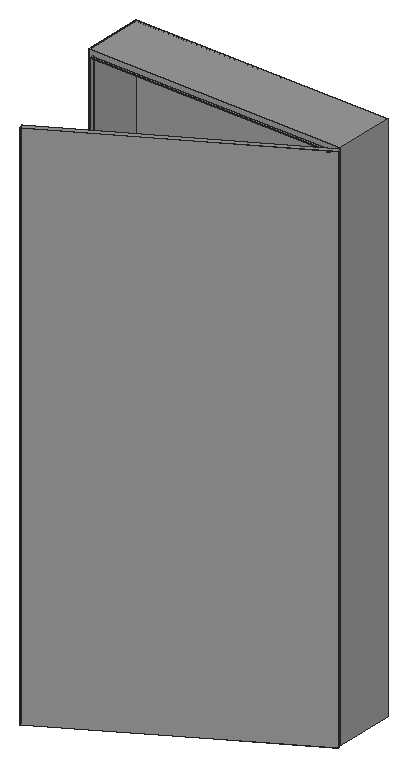
Revit family "Hager-Univers-IP44-D205-H1700-Cl.II-Encl-NoHosted-CH-de", category Equipement électrique, Revit 2020
Family settings
  Configuration du panneau = Deux colonnes, circuits au sein
  Cote de connecteur circulaire = Utiliser le diamètre
  Type d'élément = Tableau de raccordement
  Basée sur le plan de construction = Oui
  Toujours verticalement = Oui
  Couper avec des vides une fois chargée = Non
  Partagée = Non
  Point de calcul de pièce = Non
Parameters (values of type "Aufputz IP44 B800 H1700 T205  - FP13SN2")
  Width Control [instance] = if([EF000008 - Breite] > Min Width, [EF000008 - Breite], Min Width)  # 800 mm
  Commentaires du type = [HG000003 - Bereich]  # "Univers"
  Thickness Door [instance] = if([EF009171 - Materialstärke Tür/Deckel] > 3 mm, 3 mm, [EF009171 - Materialstärke Tür/Deckel])  # 1 mm
  Seal Frame Offset [instance] = 17 mm  # constant formula
  Plinth Visibility [instance] = [HG000027 - Sockelhöhe] > 0 mm  # no
  Min Width [instance] = 100 mm  # constant formula
  Min Depth [instance] = (2 * [EF009170 - Materialstärke Gehäuse]) + 1 mm  # 3 mm
  Min Height [instance] = 100 mm  # constant formula
  Internal Frame Depth [instance] = (Door System Depth * 0.5)  # 9 mm
  Panel Name [instance] = ""  # (empty or 0)
  Model = ""
  HG000027 - Sockelhöhe = 0 mm
  HG000026 - Stehend auf dem Boden = no
  HG000024 - Höhe des unteren Teils = 600 mm
  HG000023 - Gehäuse mit doppeltem Querschnitt = no
  HG000016 - 3D-Türsichtbarkeit [instance] = yes
  HG000015 - Sichtbarkeit der Türöffnung [instance] = no
  HG000014 - Tür rechts [instance] = yes
  HG000013 - Tür links [instance] = not([HG000014 - Tür rechts])  # no
  HG000012 - Türschwenkwinkel [instance] = 30.00°
  HG000010 - Asymmetrische Türen = no
  HG000009 - Doppelflügeligen Tür = no
  HG000006 - Unterputz = no
  HG000004 - Herstellerreferenz = "FP13SN2"
  HG000003 - Bereich = "Univers"
  HG000002 - Mit tür = yes
  Frame Offset Bottom [instance] = 10 mm  # constant formula
  Frame Offset [instance] = 15 mm  # constant formula
  EF015940 - Deckel mit Überdruckentlastung = no
  EF011959 - Schutzart (NEMA) = ""
  EF009554 - Anzahl der Öffnungen für Flanschplatten = 6
  EF009212 - Ausführung Deckel = "EV000116 - geschlossen"
  EF009171 - Materialstärke Tür/Deckel = 1 mm
  EF009170 - Materialstärke Gehäuse = 1 mm
  EF008873 - Nennstrom (In) = 400 A
  EF007800 - Geeignet für Blitzschutz = no
  EF006306 - Mit Schloss = no
  EF006244 - Transparenter Deckel/Tür = no
  EF005474 - Schutzart (IP) = "EV006418 - IP44"
  EF004464 - Art der Tür = "EV002646 - Einzel"
  EF004427 - Anzahl der Module = 396
  EF004293 - Schlagfestigkeit = "EV006815 - IK09"
  EF003532 - Geeignet für Außengebrauch = no
  EF002950 - Breite in Teilungseinheiten = 36
  EF001613 - Funktionserhalt = "EV000494 - ohne"
  EF001596 - Werkstoff des Gehäuses = "EV000179 - Stahl"
  EF001131 - Innentiefe = 143 mm
  EF001088 - Anbaumöglichkeit = yes
  EF000437 - Anzahl der Leitungseinführungen = 6
  EF000339 - Art der Abdeckung = "EV001012 - Deckel"
  EF000266 - Anzahl der Reihen = 11
  EF000218 - Einbautiefe = 205 mm
  EF000118 - Mit Montageplatte = no
  EF000116 - RAL-Nummer = "9010"
  EF000049 - Tiefe = 205 mm
  EF000040 - Höhe = 1700 mm
  EF000008 - Breite = 800 mm
  EF000007 - Farbe = "EV000202 - weiß"
  EF000003 - Montageart = "EV000384 - Aufputz"
  Door System Leaf Tolerance [instance] = 1.5 mm  # constant formula
  Door System Depth [instance] = 18 mm  # constant formula
  Door Height [instance] = Height Control - [HG000027 - Sockelhöhe]  # 1700 mm
  Description = ""
  Default Elevation = 1219.2 mm
  Connector Offset [instance] = Height Control / 2  # 850 mm
  Fabricant = "Hager"  # constant formula
  Height Control [instance] = if([EF000040 - Höhe] > Min Height, [EF000040 - Höhe], Min Height)  # 1700 mm
  Depth Control [instance] = if([EF000049 - Tiefe] > Min Depth, [EF000049 - Tiefe], Min Depth)  # 205 mm
  Bottom Top Plate Trim [instance] = 1.5 mm  # constant formula
  Plinth height Ctrl [instance] = if([HG000027 - Sockelhöhe] > 0 mm, [HG000027 - Sockelhöhe], 12 mm)  # 12 mm
Types (5, lengths in mm): name | Width Control | HG000010 - Asymmetrische Türen | HG000009 - Doppelflügeligen Tür | HG000004 - Herstellerreferenz | EF009554 - Anzahl der Öffnungen für Flanschplatten | EF008873 - Nennstrom (In) | EF004464 - Art der Tür | EF004427 - Anzahl der Module | EF002950 - Breite in Teilungseinheiten | EF000437 - Anzahl der Leitungseinführungen | EF000008 - Breite
  Aufputz IP44 B1050 H1700 T205  - FP14SN2 | 1050 | no | yes | "FP14SN2" | 8 | 400 A | "EV003602 - Doppel" | 528 | 48 | 8 | 1050
  Aufputz IP44 B1300 H1700 T205  - FP15SN2 | 1300 | yes | yes | "FP15SN2" | 10 | 400 A | "EV003602 - Doppel" | 660 | 60 | 10 | 1300
  Aufputz IP44 B300 H1700 T205  - FP11SN2 | 300 | no | no | "FP11SN2" | 2 | 250 A | "EV002646 - Einzel" | 132 | 12 | 2 | 300
  Aufputz IP44 B550 H1700 T205  - FP12SN2 | 550 | no | no | "FP12SN2" | 4 | 250 A | "EV002646 - Einzel" | 264 | 24 | 4 | 550
  Aufputz IP44 B800 H1700 T205  - FP13SN2 | 800 | no | no | "FP13SN2" | 6 | 400 A | "EV002646 - Einzel" | 396 | 36 | 6 | 800
Reference planes
  plane 1 "Center (Front/Back)": y = 0
  plane 2: z = 0
  plane 3 "Center (Left/Right)": x = 0
  plane 4: y = 0
  plane 5: y = 0
  plane 6: z = 0
  plane 7: x = -400
  plane 8: x = 400
  plane 9: x = 399
  plane 10: x = -399
  plane 11: z = 0
  plane 12: z = 1
  plane 13: y = -205
  plane 14: y = -1
  plane 15: x = 0
  plane 16: y = -187
  plane 17: y = -204
  plane 18: y = -186
  plane 19: x = -384
  plane 20: x = 384
  plane 21: z = 11
  plane 22: x = -383
  plane 23: x = 383
  plane 24: z = 0
  plane 25: z = 1700
  plane 26: z = 1700
  plane 27: z = 1684
  plane 28: z = 1699
Forms (mm)
  Extrusion 1, solid, material "Hager_Steel_RAL7035_Light_Grey", detail levels medium+fine
    sketch origin (-208.679, -4572, 0) x (-1, 0, 0) y (0, -1, 0)
      loop
        line (191.321, -4385) -> (-608.679, -4385) -> (-608.679, -4572) -> (191.321, -4572) -> (191.321, -4385)
    from 0 to 1700
  Extrusion 2, void
    sketch origin (-350.771, -205, 1219.2) x (1, 0, 0) y (0, 0, 1)
      loop
        line (-48.229, 479.8) -> (-48.229, -1218.2) -> (749.771, -1218.2) -> (749.771, 479.8) -> (-48.229, 479.8)
    from -19 to -204
  Extrusion 3, void
    sketch origin (-290.084, -187, 1219.2) x (1, 0, 0) y (0, 0, 1)
      loop
        line (-93.916, -1208.2) -> (674.084, -1208.2) -> (674.084, 464.8) -> (-93.916, 464.8) -> (-93.916, -1208.2)
    from 0 to -1
  Extrusion 4, solid, material "Hager_Steel_RAL7035_Light_Grey", visible <- "Plinth Visibility", detail levels medium+fine
    sketch origin (0, 0, 0) x (1, 0, 0) y (0, 1, 0)
      loop
        line (-400, 0) -> (-400, -187) -> (400, -187) -> (400, 0) -> (-400, 0)
    from 0 to 12 <- "Plinth height Ctrl"
  Extrusion 5, solid, material "Hager_Steel_RAL7035_Light_Grey", detail levels coarse
    sketch origin (0, 0, 0) x (1, 0, 0) y (0, 1, 0)
      loop
        line (-400, 0) -> (-400, -205) -> (400, -205) -> (400, 0) -> (-400, 0)
    from 0 to 1700 <- "Height Control"
  Sweep 6, void
    path in 3D
      loop
        line (-400, -187, 12) -> (400, -187, 12) -> (400, 0, 12) -> (-400, 0, 12) -> (-400, -187, 12)
    profile origin (-400, -93.5, 12) x (1, 0, 0) y (0, 0, 1)
      loop
        line (0, 0) -> (0, -1.5) -> (1.5, -1.5)
        arc (1.5, -1.5) -> (1.061, -0.439) -> (0, 0) r 1.5
  Extrusion 7, solid, material "Hager_Steel_RAL7035_Light_Grey", detail levels fine
    sketch origin (-400, -187, 0) x (1, 0, 0) y (0, 0, 1)
      loop
        line (16, 11) -> (784, 11) -> (784, 1684) -> (16, 1684) -> (16, 11)
      loop
        line (15, 10) -> (785, 10) -> (785, 1685) -> (15, 1685) -> (15, 10)
    from 0 to 9 <- "Internal Frame Depth"
Cuts and joins
  Extrusion 2, Extrusion 3 cuts Extrusion 1
  Sweep 6 cuts Extrusion 4
Lines and regions (mm)
  Masking region 1
    outline origin (0, 0, 0) x (1, 0, 0) y (0, 1, 0)
      loop
        line (-400, 0) -> (-400, -205) -> (400, -205) -> (400, 0) -> (-400, 0)
  Masking region 2, detail levels coarse
    outline origin (-290.084, -187, 1219.2) x (-1, 0, 0) y (0, 0, 1)
      loop
        line (-690.084, -1219.2) -> (109.916, -1219.2) -> (109.916, 480.8) -> (-690.084, 480.8) -> (-690.084, -1219.2)
  Masking region 3, detail levels coarse
    outline origin (0, 0, 0) x (0, 1, 0) y (0, 0, 1)
      loop
        line (0, 0) -> (0, 1700) -> (-205, 1700) -> (-205, 0) -> (0, 0)
  Masking region 4, visible <- "Plinth Visibility", detail levels medium+fine
    outline origin (0, 0, 0) x (0, 1, 0) y (0, 0, 1)
      loop
        line (-1.5, 12) -> (-185.5, 12)
        arc (-185.5, 12) -> (-185.939, 10.939) -> (-187, 10.5) r 1.5
        line (-187, 10.5) -> (-187, 0) -> (0, 0) -> (0, 10.5)
        arc (0, 10.5) -> (-1.061, 10.939) -> (-1.5, 12) r 1.5
  Masking region 5, detail levels medium+fine
    outline origin (0, 0, 594.038) x (0, 1, 0) y (0, 0, 1)
      loop
        line (0, -594.038) -> (0, 1105.962) -> (-187, 1105.962) -> (-187, -594.038) -> (0, -594.038)
  Masking region 6, detail levels medium+fine
    outline origin (-359.7, -187, 1211.883) x (-1, 0, 0) y (0, 0, 1)
      loop
        line (-759.7, -1211.883) -> (40.3, -1211.883) -> (40.3, 488.117) -> (-759.7, 488.117) -> (-759.7, -1211.883)
  Masking region 7, visible <- "Plinth Visibility", detail levels medium+fine
    outline origin (-320.334, -187, 1041.368) x (-1, 0, 0) y (0, 0, 1)
      loop
        line (-720.334, -1041.368) -> (79.666, -1041.368) -> (79.666, -1030.868)
        arc (79.666, -1030.868) -> (78.606, -1030.429) -> (78.166, -1029.368) r 1.5
        line (78.166, -1029.368) -> (-718.834, -1029.368)
        arc (-718.834, -1029.368) -> (-719.273, -1030.429) -> (-720.334, -1030.868) r 1.5
        line (-720.334, -1030.868) -> (-720.334, -1041.368)
  sketch lines
    curve 1: line (-400, 0, 12) -> (-400, -187, 12)
    curve 2: line (-400, -187, 12) -> (400, -187, 12)
    curve 3: line (400, 0, 12) -> (-400, 0, 12)
    curve 4: line (400, -187, 12) -> (400, 0, 12)
Dimensions and locks
  locked: plane 1 "Center (Front/Back)" to plane 5
  "EF009170 - Materialstärke Gehäuse": plane 7 to plane 10
  "EF009170 - Materialstärke Gehäuse": plane 8 to plane 9
  equal spacing: plane 7, plane 3 "Center (Left/Right)", plane 8
  "Width Control": plane 7 to plane 8
  "Depth Control": plane 4 to plane 13
  "EF009170 - Materialstärke Gehäuse": plane 4 to plane 14
  "Height Control": plane 25 to level
  "HG000027 - Sockelhöhe": plane 11 to level
  "EF009170 - Materialstärke Gehäuse": plane 12 to plane 11
  "EF009170 - Materialstärke Gehäuse": plane 17 to plane 13
  "EF009170 - Materialstärke Gehäuse": plane 18 to plane 16
  "Frame Offset Bottom": plane 21 to plane 12
  "Frame Offset": plane 10 to plane 19
  "Frame Offset": plane 9 to plane 20
  "Door System Depth": plane 16 to plane 13
  "Seal Frame Offset": plane 7 to plane 22
  "Seal Frame Offset": plane 8 to plane 23
  "EF009170 - Materialstärke Gehäuse": plane 26 to plane 28
  "Frame Offset": plane 28 to plane 27
  "Connector Offset": plane 2 to connector elem
  "Bottom Top Plate Trim": profile plane to Sweep 6 sketch curve
  "Bottom Top Plate Trim": Sweep 6 sketch curve to Sweep 6 sketch curve
  "Plinth height Ctrl": Masking region 4 sketch curve to level
  "Plinth height Ctrl": Masking region 7 sketch curve to level
  "Thickness Door": Extrusion 7 sketch curve to Extrusion 7 sketch curve  (x4)
  "Bottom Top Plate Trim": radius of Sweep 6 sketch curve
  "Bottom Top Plate Trim": radius of Masking region 4 sketch curve  (x2)
  "Bottom Top Plate Trim": radius of Masking region 7 sketch curve  (x2)
  aligned and locked: Extrusion 2 sketch curve to plane 12
  aligned and locked: Extrusion 2 sketch curve to plane 9
  aligned and locked: Extrusion 2 sketch curve to plane 10
  aligned and locked: Extrusion 2 to plane 14
  aligned and locked: Extrusion 1 sketch curve to plane 4
  aligned and locked: plane 8 to Extrusion 1 sketch curve
  aligned and locked: plane 7 to Extrusion 1 sketch curve
  aligned and locked: Extrusion 2 to plane 18
  aligned and locked: Extrusion 3 sketch curve to plane 19
  aligned and locked: plane 20 to Extrusion 3 sketch curve
  aligned and locked: Extrusion 3 to Extrusion 2
  aligned and locked: Extrusion 3 sketch curve to plane 21
  aligned and locked: plane 3 "Center (Left/Right)" to nested 1
  aligned and locked: Extrusion 1 sketch curve to plane 16
  aligned and locked: Extrusion 4 sketch curve to cut or joined group of Extrusion 1, Extrusion 2, Extrusion 3
  aligned and locked: Masking region 1 sketch curve to plane 7
  aligned and locked: Masking region 1 sketch curve to plane 5
  aligned and locked: Masking region 1 sketch curve to plane 8
  aligned and locked: Masking region 2 sketch curve to level
  aligned and locked: level to Masking region 3 sketch curve
  aligned and locked: plane 1 "Center (Front/Back)" to Masking region 3 sketch curve
  aligned and locked: plane 13 to Masking region 3 sketch curve
  aligned and locked: plane 5 to Masking region 4 sketch curve
  aligned and locked: Masking region 2 sketch curve to plane 8
  aligned and locked: Masking region 2 sketch curve to plane 7
  aligned and locked: plane 7 to nested 2
  aligned and locked: nested 2 to plane 5
  aligned and locked: plane 5 to Masking region 5 sketch curve
  aligned and locked: plane 26 to Masking region 5 sketch curve
  aligned and locked: Extrusion 5 sketch curve to plane 8
  aligned and locked: Extrusion 5 sketch curve to plane 7
  aligned and locked: Extrusion 5 sketch curve to plane 5
  aligned and locked: Extrusion 3 sketch curve to plane 27
  aligned and locked: Extrusion 2 sketch curve to plane 28
  aligned and locked: Masking region 2 to plane 25
  aligned and locked: Extrusion 4 to plane 16
  aligned and locked: profile plane to Sweep 6 sketch curve
  aligned and locked: Masking region 5 sketch curve to plane 24
  aligned and locked: level to Masking region 4 sketch curve
  aligned and locked: Masking region 1 to plane 13
  aligned and locked: nested 1 to plane 16
  aligned and locked: Masking region 3 to plane 25
  aligned and locked: plane 16 to Masking region 4 sketch curve
  aligned and locked: Masking region 5 sketch curve to plane 16
  aligned and locked: plane 24 to plane 11
  aligned and locked: plane 26 to plane 25
  aligned and locked: plane 26 to cut or joined group of Extrusion 1, Extrusion 2, Extrusion 3
  aligned and locked: nested 1 to plane 24
  aligned and locked: Extrusion 1 to Extrusion 3
  aligned and locked: Masking region 6 sketch curve to plane 8
  aligned and locked: Masking region 6 sketch curve to plane 24
  aligned and locked: Masking region 6 sketch curve to plane 7
  aligned and locked: Masking region 6 sketch curve to plane 26
  aligned and locked: Masking region 7 sketch curve to plane 7
  aligned and locked: level to Masking region 7 sketch curve
  aligned and locked: Masking region 7 sketch curve to plane 8
  aligned and locked: Extrusion 7 sketch curve to cut or joined group of Extrusion 1, Extrusion 2, Extrusion 3  (x4)
Automatic sketch dimensions
  plane 19 to Extrusion 3 sketch curve = 0 mm
  Extrusion 3 sketch curve to plane 20 = 0 mm
  Extrusion 3 sketch curve to plane 21 = 0 mm
  Extrusion 4 sketch curve to plane 7 = 0 mm
  Extrusion 4 sketch curve to plane 8 = 0 mm
  Extrusion 4 sketch curve to plane 16 = 0 mm
  Masking region 1 sketch curve to plane 13 = 0 mm
  Masking region 2 sketch curve to plane 25 = 0 mm
  Masking region 3 sketch curve to plane 25 = 0 mm
  Extrusion 5 sketch curve to plane 13 = 0 mm
  profile plane to Sweep 6 sketch curve = 0 mm
Nested families
  nested 1: "EC000058_Univers_Door" at (0, -187, 0), Double <- "HG000009 - Doppelflügeligen Tür", Transparent <- "EF006244 - Transparenter Deckel/Tür", Angle <- "HG000012 - Türschwenkwinkel", Door_Right <- "HG000014 - Tür rechts", Assymetrical <- "HG000010 - Asymmetrische Türen", Door <- "HG000002 - Mit tür", Width_Ctrl <- "Width Control", 3d_Door <- "HG000016 - 3D-Türsichtbarkeit", Clearance <- "HG000015 - Sichtbarkeit der Türöffnung", Door_Left <- "HG000013 - Tür links", Width <- "Width Control", Door_Depth <- "Door System Depth", Leaf_Tolerance <- "Door System Leaf Tolerance", Height <- "Door Height", Lock_Visibility <- "EF006306 - Mit Schloss", Thickness <- "Thickness Door", type "EC000058_Univers_Door", detail levels medium+fine
    with min_wh 3 mm, Width_Ctrl 800 mm, Width 800 mm, Transparent no, Thickness 1 mm, Seal_Material Hager_Rubber, Lock_Visibility no, Lock_Material Hager_Plastic_RAL9005_Jet_Black, Leaf_Width 800 mm, Leaf_Tolerance_External_Sides 0 mm, Leaf_Tolerance 1.5 mm, Leaf_Offset 0 mm, Leaf_Height 1697 mm, Leaf_2_Width 800 mm, Leaf_2_Offset 400 mm, Leaf_1_Width 800 mm, Leaf_1_Offset 400 mm, Height_Ctrl 1700 mm, Height 1700 mm, Glass_Material Hager_Glass, Double_Clearance_Ctrl no, Double no, Door_Right_Ctrl yes, Door_Right yes, Door_Material Hager_Steel_RAL7035_Light_Grey, Door_Left_Ctrl no, Door_Left no, Door_Depth 18 mm, Door yes, Clearance_Material Hager_Clearance, Clearance_Depth 800 mm, Clearance_Ctrl no, Clearance no, Assymetrical no, Angle 30.00°, 3d_Door yes
  nested 2: "Hager_Enclosure_Symbol" at (-400, 0, 0), Height <- "Depth Control", Width <- "Width Control", type "Hager_Enclosure_Symbol"
    with Width_Ctrl 800 mm, Width 800 mm, Height_Ctrl 205 mm, Height 205 mm, A_Width_Int 13.453 mm, A_Width 161.438 mm, A_Height_Ctrl 179.375 mm, A_Height 179.375 mm
Connectors
  electrical at (0, 0, 850)
    settings: on plane 1 "Center (Front/Back)", index 1, voltage 0 V, apparent load 0 VA, apparent load phase1 0 VA, apparent load phase2 0 VA, apparent load phase3 0 VA, power factor 1, load classification "Other", number of poles 1, system type 30, power factor state 1, is connector primary yes, connector utility no, sub classification motor no, connector description ""
Definition of nested family "EC000058_Univers_Door"
  Parameters (values of type "EC000058_Univers_Door")
    min_wh [instance] = (2 * Thickness) + 1 mm  # 11 mm
    Width_Ctrl [instance] = 400 mm
    Width [instance] = 500 mm
    Transparent [instance] = yes
    Thickness [instance] = 5 mm
    Seal_Material [instance] = none
    Lock_Visibility [instance] = yes
    Lock_Material [instance] = none
    Leaf_Width [instance] = if((Width_Ctrl - 2 * Leaf_Tolerance_External_Sides) > 0 mm, (Width_Ctrl - 2 * Leaf_Tolerance_External_Sides), min_wh)  # 400 mm
    Leaf_Tolerance_External_Sides [instance] = 0 mm  # constant formula
    Leaf_Tolerance [instance] = 1.5 mm
    Leaf_Offset [instance] = 0 mm  # constant formula
    Leaf_Height [instance] = if((Height_Ctrl - 2 * Leaf_Tolerance) > 0 mm, (Height_Ctrl - 2 * Leaf_Tolerance), min_wh)  # 497 mm
    Leaf_2_Width [instance] = if(and(and(Double, Assymetrical), Door_Left), (Leaf_Width / 3) - (Leaf_Tolerance / 2), if(and(and(Double, Assymetrical), Door_Right), (Leaf_Width / 3) * 2 - (Leaf_Tolerance / 2), if(and(Double, not(Assymetrical)), (Leaf_Width / 2) - Leaf_Tolerance, Leaf_Width)))  # 400 mm
    Leaf_2_Offset [instance] = if(and(Double, Assymetrical), Leaf_2_Width / 2, if(and(Double, not(Assymetrical)), Leaf_Width / 4, Leaf_Width / 2))  # 200 mm
    Leaf_1_Width [instance] = if(and(and(Double, Assymetrical), Door_Right), (Leaf_Width / 3) - (Leaf_Tolerance / 2), if(and(and(Double, Assymetrical), Door_Left), (Width / 3) * 2 - (Leaf_Tolerance / 2), if(and(Double, not(Assymetrical)), (Leaf_Width / 2) - Leaf_Tolerance, Leaf_Width)))  # 400 mm
    Leaf_1_Offset [instance] = if(and(Double, Assymetrical), Leaf_1_Width / 2, if(and(Double, not(Assymetrical)), Leaf_Width / 4, Leaf_Width / 2))  # 200 mm
    Height_Ctrl [instance] = if(Height > min_wh, Height, min_wh)  # 500 mm
    Height [instance] = 500 mm
    Glass_Material [instance] = none
    Double_Clearance_Ctrl [instance] = and(Double, Clearance)  # no
    Double [instance] = no
    Door_Right_Ctrl [instance] = and(or(Door_Right, Double), Door)  # yes
    Door_Right [instance] = yes
    Door_Material [instance] = none
    Door_Left_Ctrl [instance] = and(or(Door_Left, Double), Door)  # no
    Door_Left [instance] = no
    Door_Depth [instance] = 30 mm
    Door [instance] = yes
    Default Elevation = 1219.2 mm
    Clearance_Material [instance] = none
    Clearance_Depth [instance] = if(Leaf_1_Width > Leaf_2_Width, Leaf_1_Width, Leaf_2_Width)  # 400 mm
    Clearance_Ctrl [instance] = and(not(Double), Clearance)  # yes
    Clearance [instance] = yes
    Assymetrical [instance] = yes
    Angle [instance] = 30.00°
    3d_Door [instance] = yes
  Reference planes
    plane 1 "Center (Front/Back)": y = 0
    plane 2 "Bottom": z = 0
    plane 3 "Center (Left/Right)": x = 0
    plane 4: z = 500
    plane 5: x = -200
    plane 6: x = 200
    plane 7: z = 500
    plane 8: x = -200
    plane 9: z = 0
    plane 10: x = 200
    plane 11: y = 0
    plane 12: z = 1.5
    plane 13: x = -600
    plane 14: y = -400
    plane 15: x = 600
    plane 16: x = 0
    plane 17: x = 0
    plane 18: x = -200
    plane 19: x = 200
    plane 20: z = 498.5
  Forms (mm)
    Extrusion 1, solid, material <- "Clearance_Material", visible <- "Double_Clearance_Ctrl"
      sketch origin (1200, 0, 0) x (1, 0, 0) y (0, 0, -1)
        loop
          line (-1800, -498.5) -> (-600, -498.5) -> (-600, 0) -> (-1800, 0) -> (-1800, -498.5)
      from 0 to -400
  Dimensions and locks
    equal spacing: plane 5, plane 3 "Center (Left/Right)", plane 6
    "Width_Ctrl": plane 5 to plane 6
    "Leaf_Offset": plane 5 to plane 8
    "Leaf_Offset": plane 6 to plane 10
    "Leaf_Offset": plane 9 to level
    "Leaf_Offset": plane 4 to plane 7
    "Height_Ctrl": plane 4 to level
    "Leaf_Tolerance": plane 12 to plane 9
    locked: plane 11 to plane 1 "Center (Front/Back)"
    "Leaf_1_Offset": plane 18 to plane 16
    "Leaf_2_Offset": plane 17 to plane 19
    "Leaf_1_Width": plane 13 to plane 8
    "Leaf_2_Width": plane 10 to plane 15
    "Clearance_Depth": plane 14 to plane 1 "Center (Front/Back)"
    "Leaf_Tolerance_External_Sides": plane 8 to plane 18
    "Leaf_Tolerance_External_Sides": plane 19 to plane 10
    "Leaf_Tolerance": plane 7 to plane 20
    aligned and locked: level to plane 2 "Bottom"
    aligned and locked: nested 1 to plane 16
    aligned and locked: nested 2 to plane 17
    aligned and locked: Extrusion 1 to plane 13
    aligned and locked: plane 15 to Extrusion 1
    aligned and locked: Extrusion 1 to plane 14
    aligned and locked: plane 12 to nested 1
    aligned and locked: nested 2 to plane 12
    aligned and locked: Extrusion 1 to plane 11
    aligned and locked: plane 20 to Extrusion 1
    aligned and locked: nested 2 to plane 11
    aligned and locked: nested 1 to plane 11
  Automatic sketch dimensions
    Extrusion 1 sketch curve to level = 0 mm
    plane 5 to Extrusion 1 sketch curve = 400 mm
    plane 6 to Extrusion 1 sketch curve = 400 mm
    Extrusion 1 sketch curve to plane 4 = 1.5 mm
  Nested families
    nested 1: "EC000058_Univers_Door_Leaf" at (0, 0, 1.5), Width <- "Leaf_1_Width", visible <- "Door_Left_Ctrl", Leaf_Height <- "Leaf_Height", Angle <- "Angle", 3d_Door <- "3d_Door", Transparent <- "Transparent", Clearance Material <- "Clearance_Material", Clearance <- "Clearance_Ctrl", Door_Material <- "Door_Material", Glass_Material <- "Glass_Material", Door_Depth <- "Door_Depth", Lock_Material <- "Lock_Material", Seal_Material <- "Seal_Material", Lock_Visibility <- "Lock_Visibility", Thickness <- "Thickness", type "EC000058_Univers_Door_Leaf"
      with Width 400 mm, Transparent_Glass_Offset 30 mm, Transparent_Ctrl yes, Transparent yes, Thickness 5 mm, Standard no, Seal_Material none, Seal_D2 8 mm, Seal_D1 1 mm, Offset_Internal_Frame 10 mm, Lock_Width 20 mm, Lock_Visibility_3d yes, Lock_Visibility yes, Lock_Thickness_3 3 mm, Lock_Thickness_2 1 mm, Lock_Thickness_1 3 mm, Lock_Radius_Offset_2 16 mm, Lock_Radius_Offset_1 15 mm, Lock_Radius_2 5 mm, Lock_Radius 6 mm, Lock_Offset 5 mm, Lock_Material none, Lock_Height 80 mm, Lock_Cover_Top_Offset_2d 17 mm, Lock_Cover_Height -65 mm, Leaf_Height 497 mm, Internal_Seal_Thickness 8 mm, Internal_Seal_Depth_2 4.5 mm, Internal_Frame_Depth 25 mm, Glass_Thickness -1 mm, Glass_Offset -2 mm, Glass_Material none, Door_Material none, Door_Depth 30 mm, Clearance Material none, Clearance yes, Angle_Ctrl 30.00°, Angle 30.00°, 3d_Door yes
    nested 2: "EC000058_Univers_Door_Leaf" at (0, 0, 1.5) x (-1, 0, 0) z (0, 0, 1), Width <- "Leaf_2_Width", visible <- "Door_Right_Ctrl", Leaf_Height <- "Leaf_Height", Angle <- "Angle", 3d_Door <- "3d_Door", Transparent <- "Transparent", Clearance Material <- "Clearance_Material", Clearance <- "Clearance_Ctrl", Door_Material <- "Door_Material", Glass_Material <- "Glass_Material", Door_Depth <- "Door_Depth", Lock_Material <- "Lock_Material", Seal_Material <- "Seal_Material", Lock_Visibility <- "Lock_Visibility", Thickness <- "Thickness", type "EC000058_Univers_Door_Leaf"
      with Width 400 mm, Transparent_Glass_Offset 30 mm, Transparent_Ctrl yes, Transparent yes, Thickness 5 mm, Standard no, Seal_Material none, Seal_D2 8 mm, Seal_D1 1 mm, Offset_Internal_Frame 10 mm, Lock_Width 20 mm, Lock_Visibility_3d yes, Lock_Visibility yes, Lock_Thickness_3 3 mm, Lock_Thickness_2 1 mm, Lock_Thickness_1 3 mm, Lock_Radius_Offset_2 16 mm, Lock_Radius_Offset_1 15 mm, Lock_Radius_2 5 mm, Lock_Radius 6 mm, Lock_Offset 5 mm, Lock_Material none, Lock_Height 80 mm, Lock_Cover_Top_Offset_2d 17 mm, Lock_Cover_Height -65 mm, Leaf_Height 497 mm, Internal_Seal_Thickness 8 mm, Internal_Seal_Depth_2 4.5 mm, Internal_Frame_Depth 25 mm, Glass_Thickness -1 mm, Glass_Offset -2 mm, Glass_Material none, Door_Material none, Door_Depth 30 mm, Clearance Material none, Clearance yes, Angle_Ctrl 30.00°, Angle 30.00°, 3d_Door yes
  Definition of nested family "EC000058_Univers_Door_Leaf"
    Parameters (values of type "EC000058_Univers_Door_Leaf")
      Width [instance] = 2000 mm
      Transparent_Glass_Offset [instance] = 30 mm
      Transparent_Ctrl [instance] = and(Transparent, [3d_Door])  # yes
      Transparent [instance] = yes
      Thickness [instance] = 5 mm
      Standard [instance] = and(not(Transparent), [3d_Door])  # no
      Seal_Material [instance] = none
      Seal_D2 [instance] = 8 mm  # constant formula
      Seal_D1 [instance] = 1 mm  # constant formula
      Offset_Internal_Frame [instance] = 10 mm  # constant formula
      Lock_Width [instance] = 20 mm  # constant formula
      Lock_Visibility_3d [instance] = and(Lock_Visibility, [3d_Door])  # yes
      Lock_Visibility [instance] = yes
      Lock_Thickness_3 [instance] = 3 mm  # constant formula
      Lock_Thickness_2 [instance] = 1 mm  # constant formula
      Lock_Thickness_1 [instance] = 3 mm  # constant formula
      Lock_Radius_Offset_2 [instance] = Lock_Radius_Offset_1 + 1 mm  # 16 mm
      Lock_Radius_Offset_1 [instance] = 15 mm  # constant formula
      Lock_Radius_2 [instance] = Lock_Radius - 1 mm  # 5 mm
      Lock_Radius [instance] = 6 mm  # constant formula
      Lock_Offset [instance] = 5 mm  # constant formula
      Lock_Material [instance] = none
      Lock_Height [instance] = 80 mm  # constant formula
      Lock_Cover_Top_Offset_2d [instance] = Lock_Radius_Offset_2 + 1 mm  # 17 mm
      Lock_Cover_Height [instance] = -(Lock_Height - Lock_Radius_Offset_1)  # -65 mm
      Leaf_Height [instance] = 2720.336 mm
      Internal_Seal_Thickness [instance] = 8 mm  # constant formula
      Internal_Seal_Depth_2 [instance] = 4.5 mm  # constant formula
      Internal_Frame_Depth [instance] = if(Door_Depth - Thickness > 5 mm, Door_Depth - Thickness, 5 mm)  # 25 mm
      Glass_Thickness [instance] = if(Thickness > 15 mm, Glass_Offset + 10 mm, -1 mm)  # -1 mm
      Glass_Offset [instance] = if(Thickness > 15 mm, -(Thickness + 10 mm) / 2, -2 mm)  # -2 mm
      Glass_Material [instance] = none
      Door_Material [instance] = none
      Door_Depth [instance] = 30 mm
      Default Elevation = 0 mm
      Clearance Material [instance] = none
      Clearance [instance] = yes
      Angle_Ctrl [instance] = if(Angle > 180.00°, 180.00°, Angle)  # 90.00°
      Angle [instance] = 90.00°
      3d_Door [instance] = yes
    Reference planes
      plane 1 "Center (Front/Back)": y = 0
      plane 2: z = 0
      plane 3 "Center (Left/Right)": x = 0
      plane 4: y = 2000
      plane 5: x = -1000
      plane 6: x = 1000
      plane 7: x = -3000
      plane 8: z = 2720.336
      plane 9: z = 30
      plane 10: z = 2690.336
      plane 11: x = 970
      plane 12: x = -970
      plane 13: y = -3
      plane 14: z = 107.833
      plane 15: y = -5
      plane 16: y = -223.314
      plane 17: x = -1000
      plane 18: z = 1360.168
      plane 19: y = 30
    Forms (mm)
      Extrusion 1, solid, material <- "Clearance Material", visible <- "Clearance"
        sketch origin (0, 0, 0) x (1, 0, 0) y (0, 0, 1)
          loop
            line (-3000, 2720.336) -> (-3000, 0) -> (1000, 0) -> (1000, 2720.336) -> (-3000, 2720.336)
        from 0 to -2000
      Extrusion 2, solid, material <- "Door_Material", visible <- "Standard", detail levels medium+fine
        sketch origin (-1000, 0, 0) x (0, 1, 0) y (-1, 0, 0)
          loop
            line (0, 30) -> (0, 25) -> (2000, 25) -> (2000, 30) -> (0, 30)
        from 0 to 2720.336 <- "Leaf_Height"
      Extrusion 3, solid, material <- "Door_Material", visible <- "Transparent_Ctrl", detail levels medium+fine
        sketch origin (-1000, 0, 0) x (0, 1, 0) y (-1, 0, 0)
          loop
            line (0, 25) -> (2000, 25) -> (2000, 30) -> (0, 30) -> (0, 25)
        from 0 to 2720.336 <- "Leaf_Height"
      Extrusion 4, void
        sketch origin (-1025, 2000, 0) x (0, 1, 0) y (0, 0, -1)
          loop
            line (-30, -2690.336) -> (-30, -30) -> (-1970, -30) -> (-1970, -2690.336) -> (-30, -2690.336)
        from 0 to 5 <- "Thickness"
      Sweep 5, solid, material <- "Seal_Material", visible <- "Transparent_Ctrl", detail levels fine
        path in 3D
          loop
            line (-1025, 30, 30) -> (-1025, 30, 2690.336) -> (-1025, 1970, 2690.336) -> (-1025, 1970, 30) -> (-1025, 30, 30)
        profile origin (-1025, 1000, 30) x (1, 0, 0) y (0, 0, 1)
          loop
            line (0, 0) -> (0, -8) -> (1, -8) -> (1, 0) -> (0, 0)
      Extrusion 6, solid, material <- "Glass_Material", visible <- "Transparent_Ctrl", detail levels medium+fine
        sketch origin (-1030, 0, 0) x (0, 1, 0) y (0, 0, -1)
          loop
            line (1970, -2690.336) -> (1970, -30) -> (30, -30) -> (30, -2690.336) -> (1970, -2690.336)
        from -2 <- "Glass_Offset" to -1 <- "Glass_Thickness"
      Extrusion 7, solid, material <- "Door_Material", visible <- "3d_Door", detail levels medium+fine
        sketch origin (-1025, 2000, 0) x (0, -1, 0) y (0, 0, -1)
          loop
            line (0, -2720.336) -> (2000, -2720.336) -> (2000, 0) -> (0, 0) -> (0, -2720.336)
          loop
            line (1995, -5) -> (5, -5) -> (5, -2715.336) -> (1995, -2715.336) -> (1995, -5)
        from 0 to 25 <- "Internal_Frame_Depth"
      Sweep 8, solid, material <- "Seal_Material", visible <- "Transparent_Ctrl", detail levels fine
        path in 3D
          loop
            line (-1025, 0, 0) -> (-1025, 2000, 0) -> (-1025, 2000, 2720.336) -> (-1025, 0, 2720.336) -> (-1025, 0, 0)
        profile origin (-1025, 0, 1360.168) x (1, 0, 0) y (0, 1, 0)
          loop
            line (0, 10) -> (2.975, 10)
            arc (2.975, 10) -> (4.053, 10.447) -> (4.5, 11.525) r 1.525
            line (4.5, 11.525) -> (4.5, 16.527)
            arc (4.5, 16.527) -> (4.069, 17.569) -> (3.027, 18) r 1.473
            line (3.027, 18) -> (0, 18) -> (0, 10)
      Extrusion 9, solid, material <- "Lock_Material", visible <- "Lock_Visibility_3d", detail levels fine
        sketch origin (-1030, 0, 0) x (0, 1, 0) y (0, 0, -1)
          loop
            arc (1993.5, -1400.168) -> (1994.561, -1399.729) -> (1995, -1398.668) r 1.5
            line (1995, -1398.668) -> (1995, -1320.168) -> (1975, -1320.168) -> (1975, -1398.668)
            arc (1975, -1398.668) -> (1975.439, -1399.729) -> (1976.5, -1400.168) r 1.5
            line (1976.5, -1400.168) -> (1993.5, -1400.168)
        from 3 <- "Lock_Thickness_1" to 0
      Blend 10, solid, material <- "Lock_Material", visible <- "Lock_Visibility_3d", detail levels fine
        base sketch origin (-1033, 0, 0) x (0, 1, 0) y (0, 0, -1)
          loop
            line (1975, -1320.168) -> (1975, -1398.668)
            arc (1975, -1398.668) -> (1975.439, -1399.729) -> (1976.5, -1400.168) r 1.5
            line (1976.5, -1400.168) -> (1993.5, -1400.168)
            arc (1993.5, -1400.168) -> (1994.561, -1399.729) -> (1995, -1398.668) r 1.5
            line (1995, -1398.668) -> (1995, -1320.168) -> (1975, -1320.168)
        top sketch origin (-1033, 0, 0) x (0, 1, 0) y (0, 0, -1)
          loop
            line (1976, -1320.168) -> (1976, -1398.668)
            arc (1976, -1398.668) -> (1976.146, -1399.022) -> (1976.5, -1399.168) r 0.5
            line (1976.5, -1399.168) -> (1993.5, -1399.168)
            arc (1993.5, -1399.168) -> (1993.854, -1399.022) -> (1994, -1398.668) r 0.5
            line (1994, -1398.668) -> (1994, -1320.168) -> (1976, -1320.168)
        from 0 to 1 <- "Lock_Thickness_2"
      Blend 11, solid, material <- "Lock_Material", visible <- "Lock_Visibility_3d", detail levels fine
        base sketch origin (-1034, 0, 0) x (0, 1, 0) y (0, 0, -1)
          loop
            line (1978, -1320.168) -> (1978, -1384.168)
            arc (1978, -1384.168) -> (1985, -1391.168) -> (1992, -1384.168) r 7
            line (1992, -1384.168) -> (1992, -1320.168) -> (1978, -1320.168)
        top sketch origin (-1034, 0, 0) x (0, 1, 0) y (0, 0, -1)
          loop
            line (1991, -1320.168) -> (1979, -1320.168) -> (1979, -1383.168)
            arc (1979, -1383.168) -> (1985, -1389.168) -> (1991, -1383.168) r 6
            line (1991, -1383.168) -> (1991, -1320.168)
        from 0 to 3 <- "Lock_Thickness_3"
      Extrusion 12, solid, material <- "Lock_Material", visible <- "Lock_Visibility_3d", detail levels fine
        sketch origin (-1030, 1975, 1320.168) x (1, 0, 0) y (0, -1, 0)
          loop
            line (-7, -19) -> (-7, -1) -> (0, -1) -> (0, 0) -> (-8, 0) -> (-8, -20) -> (0, -20) -> (0, -19) -> (-7, -19)
        from 0 to -65 <- "Lock_Cover_Height"
      Extrusion 13, void
        sketch origin (-1038, 1995, 1320.168) x (-1, 0, 0) y (0, 0, -1)
          loop
            line (-5, -65) -> (0, -65) -> (-5, -60) -> (-5, -65)
        from 0 to 20 <- "Lock_Width"
      Extrusion 14, void
        sketch origin (-1038, 1975, 1320.168) x (0, -1, 0) y (0, 0, -1)
          loop
            circle (-10, -15.995) r 6
          loop
            circle (-10, -15.995) r 5
        from 0 to 2
      Extrusion 15, solid, material <- "Lock_Material", visible <- "Lock_Visibility_3d", detail levels medium
        sketch origin (-1030, 0, 0) x (0, 1, 0) y (0, 0, -1)
          loop
            arc (1993.5, -1400.168) -> (1994.561, -1399.729) -> (1995, -1398.668) r 1.5
            line (1995, -1398.668) -> (1995, -1320.168) -> (1975, -1320.168) -> (1975, -1398.668)
            arc (1975, -1398.668) -> (1975.439, -1399.729) -> (1976.5, -1400.168) r 1.5
            line (1976.5, -1400.168) -> (1993.5, -1400.168)
        from 8 to 0
    Cuts and joins
      Extrusion 4 cuts Extrusion 3
      Extrusion 13, Extrusion 14 cuts Extrusion 9
      Extrusion 14 cuts Blend 11
      Extrusion 13, Extrusion 14 cuts Extrusion 12
      joined: Extrusion 9, Blend 10, Blend 11, Extrusion 12
      Extrusion 14 cuts Extrusion 15
    Lines and regions (mm)
      Masking region 1, visible <- "Lock_Visibility", detail levels fine
        outline origin (0, 0, 0) x (0, 1, 0) y (0, 0, 1)
          loop
            line (30, 1320.168) -> (33, 1320.168) -> (33, 1400.168) -> (30, 1400.168) -> (30, 1320.168)
      Masking region 2, visible <- "Lock_Visibility", detail levels fine
        outline origin (0, 3.143, 0) x (0, 1, 0) y (0, 0, 1)
          loop
            line (29.857, 1354.168) -> (30.857, 1354.168) -> (30.857, 1366.168) -> (29.857, 1366.168) -> (29.857, 1354.168)
      Masking region 3, detail levels medium+fine
        outline origin (0, 0, 0) x (0, 1, 0) y (0, 0, 1)
          loop
            line (0, 0) -> (30, 0) -> (30, 2720.336) -> (0, 2720.336) -> (0, 0)
      Masking region 4, detail levels medium+fine
        outline origin (0, 0, 0) x (1, 0, 0) y (0, 0, 1)
          loop
            line (-1000, 2720.336) -> (-1000, 0) -> (1000, 0) -> (1000, 2720.336) -> (-1000, 2720.336)
      Masking region 5, visible <- "Lock_Visibility", detail levels fine
        outline origin (-47.116, 0, 0) x (1, 0, 0) y (0, 0, 1)
          loop
            arc (1024.616, 1399.168) -> (1023.556, 1398.729) -> (1023.116, 1397.668) r 1.5
            line (1023.116, 1397.668) -> (1023.116, 1320.168) -> (1041.116, 1320.168) -> (1041.116, 1397.668)
            arc (1041.116, 1397.668) -> (1040.677, 1398.729) -> (1039.616, 1399.168) r 1.5
            line (1039.616, 1399.168) -> (1024.616, 1399.168)
      Masking region 6, visible <- "Lock_Visibility", detail levels medium+fine
        outline origin (-25, 0, 0) x (1, 0, 0) y (0, 0, 1)
          loop
            arc (1001.5, 1400.168) -> (1000.439, 1399.729) -> (1000, 1398.668) r 1.5
            line (1000, 1398.668) -> (1000, 1320.168) -> (1020, 1320.168) -> (1020, 1398.668)
            arc (1020, 1398.668) -> (1019.561, 1399.729) -> (1018.5, 1400.168) r 1.5
            line (1018.5, 1400.168) -> (1001.5, 1400.168)
      Masking region 7, visible <- "Lock_Visibility", detail levels fine
        outline origin (-73.735, 0, 0) x (1, 0, 0) y (0, 0, 1)
          loop
            line (1051.735, 1382.168) -> (1065.735, 1382.168) -> (1065.735, 1384.168)
            arc (1065.735, 1384.168) -> (1058.735, 1391.168) -> (1051.735, 1384.168) r 7
            line (1051.735, 1384.168) -> (1051.735, 1382.168)
      Masking region 8, visible <- "Lock_Visibility", detail levels fine
        outline origin (-73.735, 0, 0) x (1, 0, 0) y (0, 0, 1)
          loop
            line (1052.735, 1382.168) -> (1064.735, 1382.168) -> (1064.735, 1383.168)
            arc (1064.735, 1383.168) -> (1058.735, 1389.168) -> (1052.735, 1383.168) r 6
            line (1052.735, 1383.168) -> (1052.735, 1382.168)
      Masking region 9, visible <- "Lock_Visibility", detail levels fine
        outline origin (-25, 0, 0) x (1, 0, 0) y (0, 0, 1)
          loop
            line (1020, 1320.168) -> (1020, 1382.168) -> (1000, 1382.168) -> (1000, 1320.168) -> (1020, 1320.168)
      Masking region 10, detail levels medium+fine
        outline origin (0, 0, 0) x (1, 0, 0) y (0, 0, 1)
          loop
            circle (985, 1335.144) r 6
      Masking region 11, detail levels fine
        outline origin (0, 0, 0) x (1, 0, 0) y (0, 0, 1)
          loop
            circle (985, 1335.144) r 5
      Masking region 12, visible <- "Lock_Visibility", detail levels fine
        outline origin (0, 12.767, 0) x (0, 1, 0) y (0, 0, 1)
          loop
            line (20.233, 1320.168) -> (21.233, 1320.168) -> (21.233, 1399.168) -> (20.233, 1400.168) -> (20.233, 1320.168)
      Masking region 13, visible <- "Lock_Visibility", detail levels fine
        outline origin (0, 13.767, -10) x (0, 1, 0) y (0, 0, 1)
          loop
            line (20.233, 1330.168) -> (23.233, 1330.168) -> (23.233, 1399.168) -> (20.233, 1402.168) -> (20.233, 1330.168)
      Masking region 14, visible <- "Lock_Visibility", detail levels fine
        outline origin (0, 12.767, -10) x (0, 1, 0) y (0, 0, 1)
          loop
            line (20.233, 1330.168) -> (25.233, 1330.168) -> (25.233, 1399.305) -> (20.233, 1394.305) -> (20.233, 1330.168)
      Masking region 15, visible <- "Lock_Visibility", detail levels medium
        outline origin (0, 0, 0) x (0, 1, 0) y (0, 0, 1)
          loop
            line (30, 1320.168) -> (38, 1320.168) -> (38, 1400.168) -> (30, 1400.168) -> (30, 1320.168)
      Masking region 16, visible <- "Lock_Visibility", detail levels fine
        outline origin (-1000, 0, 0) x (0, 1, 0) y (-1, 0, 0)
          loop
            line (1975, 30) -> (1995, 30) -> (1995, 38) -> (1975, 38) -> (1975, 30)
          loop
            line (1979, 37) -> (1976, 37) -> (1976, 34) -> (1978, 34) -> (1979, 37)
          loop
            line (1994, 37) -> (1991, 37) -> (1992, 34) -> (1994, 34) -> (1994, 37)
      Masking region 17, visible <- "Lock_Visibility", detail levels medium
        outline origin (-1000, 0, 0) x (0, 1, 0) y (-1, 0, 0)
          loop
            line (1975, 30) -> (1995, 30) -> (1995, 38) -> (1975, 38) -> (1975, 30)
      symbolic lines
        curve 1: line (1000, 0, 0) -> (-3000, 0, 0)
        curve 2: arc (1000, 0, 0) -> (-1000, 2000, 0) -> (-3000, 0, 0) r 2000
        curve 4: line (-1030, 0, 0) -> (-1030, 2000, 0)
      reference lines
        curve 3: line (-1000, 0, 0) -> (-1000, 2000, 0)
      symbolic lines, detail levels medium+fine
        curve 5: line (-1030, 2000, 0) -> (-1025, 2000, 0)
        curve 7: line (-1025, 0, 0) -> (-1030, 0, 0)
        curve 8: line (-1025, 0, 0) -> (-1000, 0, 0)
        curve 9: line (-1000, 0, 0) -> (-1000, 2000, 0)
        curve 10: line (-1000, 2000, 0) -> (-1025, 2000, 0)
      symbolic lines, detail levels fine
        curve 6: line (-1025, 2000, 0) -> (-1025, 0, 0)
      sketch lines
        curve 11: line (-1025, 0, 2720.336) -> (-1025, 0, 0)
        curve 12: line (-1025, 2000, 0) -> (-1025, 0, 0)
        curve 13: line (-1025, 2000, 2720.336) -> (-1025, 2000, 0)
        curve 14: line (-1025, 0, 2720.336) -> (-1025, 2000, 2720.336)
        curve 15: line (-1025, 1970, 30) -> (-1025, 30, 30)
        curve 16: line (-1025, 30, 30) -> (-1025, 30, 2690.336)
        curve 17: line (-1025, 1970, 2690.336) -> (-1025, 1970, 30)
        curve 18: line (-1025, 30, 2690.336) -> (-1025, 1970, 2690.336)
      symbolic lines, visible <- "Transparent", detail levels medium+fine
        curve 19: line (-970, 0, 2690.336) -> (970, 0, 2690.336)
        curve 20: line (-970, 0, 30) -> (-970, 0, 2690.336)
        curve 21: line (970, 0, 30) -> (-970, 0, 30)
        curve 22: line (970, 0, 2690.336) -> (970, 0, 30)
    Dimensions and locks
      "Width": plane 1 "Center (Front/Back)" to plane 4
      equal spacing: plane 5, plane 3 "Center (Left/Right)", plane 6
      "Width": plane 5 to plane 6
      "Width": plane 7 to plane 5
      "Leaf_Height": plane 8 to level
      "Width": curve 5 to curve 3
      "Width": curve 3 to curve 3
      plane 8 to plane 10 = 30 mm
      plane 9 to level = 30 mm
      plane 12 to plane 5 = 30 mm
      plane 6 to plane 11 = 30 mm
      Extrusion 1 to Extrusion 4 sketch curve = 30 mm
      "Transparent_Glass_Offset": curve 3 to Extrusion 4 sketch curve
      "Transparent_Glass_Offset": Extrusion 4 sketch curve to cut or joined group of Extrusion 3, Extrusion 4  (x2)
      cut or joined group of Extrusion 3, Extrusion 4 to Extrusion 6 sketch curve = 30 mm
      "Transparent_Glass_Offset": cut or joined group of Extrusion 3, Extrusion 4 to Extrusion 4 sketch curve
      "Thickness": curve 6 to curve 4
      "Thickness": Extrusion 7 sketch curve to Extrusion 7 sketch curve  (x4)
      "Door_Depth": curve 4 to curve 3
      "Offset_Internal_Frame": profile plane to Sweep 8 sketch curve
      "Internal_Seal_Thickness": Sweep 8 sketch curve to Sweep 8 sketch curve
      "Internal_Seal_Depth_2": profile plane to Sweep 8 sketch curve
      "Seal_D1": profile plane to Sweep 5 sketch curve
      "Seal_D2": profile plane to Sweep 5 sketch curve
      "Thickness": Extrusion 2 sketch curve to Extrusion 2 sketch curve
      equal spacing: Extrusion 9 sketch curve, plane 18, Extrusion 9 sketch curve  (x2)
      equal spacing: Masking region 1 sketch curve, plane 18, Masking region 1 sketch curve
      "Lock_Height": Masking region 1 sketch curve to Masking region 1 sketch curve
      "Lock_Radius": Masking region 2 sketch curve to plane 18 to Masking region 2 sketch curve
      Masking region 2 sketch curve to Masking region 1 = 1 mm
      "Door_Depth": plane 19 to plane 1 "Center (Front/Back)"
      "Lock_Thickness_1": Masking region 1 sketch curve to plane 19
      "Lock_Width": Extrusion 9 sketch curve to Extrusion 9 sketch curve
      "Lock_Height": Extrusion 9 sketch curve to Extrusion 9 sketch curve
      "Lock_Offset": cut or joined group of Extrusion 3, Extrusion 4 to Extrusion 9 sketch curve
      equal spacing: plane 8, plane 18, level
      "Lock_Radius_Offset_1": Blend 11 sketch curve to Blend 10
      locked: Blend 10 to Blend 11 sketch curve at 2  (x2)
      locked: var sketch to Blend 11 sketch curve at 1  (x2)
      "Lock_Radius_Offset_2": Blend 11 sketch curve to Blend 10
      locked: Extrusion 12 sketch curve to Extrusion 12 sketch curve at 1  (x3)
      Masking region 6 sketch curve to Masking region 6 sketch curve = 80 mm
      "Lock_Height": Masking region 6 sketch curve to Masking region 6 sketch curve
      "Lock_Width": Masking region 6 sketch curve to Masking region 6 sketch curve
      locked: Masking region 6 to Masking region 5 sketch curve at 1  (x3)
      locked: Masking region 5 to Masking region 7 sketch curve at 2  (x2)
      "Lock_Radius_Offset_1": Masking region 5 to Masking region 7 sketch curve
      "Lock_Radius_Offset_2": Masking region 5 to Masking region 8 sketch curve
      locked: Masking region 7 to Masking region 8 sketch curve at 1  (x2)
      "Lock_Cover_Top_Offset_2d": Masking region 5 to Masking region 9 sketch curve
      equal spacing: Masking region 9, Masking region 10 sketch curve, Masking region 9
      equal spacing: Masking region 9, Masking region 11 sketch curve, Masking region 9
      Extrusion 15 sketch curve to Extrusion 15 sketch curve = 80 mm
      "Lock_Width": Extrusion 15 sketch curve to Extrusion 15 sketch curve
      "Lock_Height": Extrusion 15 sketch curve to Extrusion 15 sketch curve
      equal spacing: Extrusion 15 sketch curve, plane 18, Extrusion 15 sketch curve
      "Lock_Thickness_3": Masking region 13 sketch curve to Masking region 13 sketch curve
      "Lock_Height": Masking region 12 sketch curve to Masking region 12 sketch curve
      locked: Masking region 13 sketch curve to Masking region 1 at 8
      locked: Masking region 14 sketch curve to Masking region 13 at 1
      locked: Masking region 14 sketch curve to Masking region 1 at 10.863
      "Lock_Height": Masking region 15 sketch curve to Masking region 15 sketch curve
      "Lock_Offset": Extrusion 15 sketch curve to cut or joined group of Extrusion 3, Extrusion 4
      "Lock_Offset": plane 6 to Masking region 6 sketch curve
      radius of Sweep 8 sketch curve = 1.525 mm
      radius of Sweep 8 sketch curve = 1.473 mm
      radius of Extrusion 9 sketch curve = 1.5 mm  (x2)
      "Lock_Radius": radius of Extrusion 14 sketch curve
      "Lock_Radius_2": radius of Extrusion 14 sketch curve
      "Lock_Radius": radius of Masking region 10 sketch curve
      "Lock_Radius_2": radius of Masking region 11 sketch curve
      radius of Extrusion 15 sketch curve = 1.5 mm  (x2)
      "Angle_Ctrl": angle plane 1 "Center (Front/Back)" to curve 3
      locked: Masking region 12 sketch curve to Masking region 12 sketch curve (angle 45.00°)
      locked: Masking region 13 sketch curve to Masking region 13 sketch curve (angle 45.00°)
      locked: Masking region 14 sketch curve to Masking region 14 sketch curve (angle 45.00°)
      aligned and locked: level to plane 2
      aligned and locked: Extrusion 1 to curve 1
      aligned and locked: plane 6 to Extrusion 1
      aligned and locked: Extrusion 1 to plane 1 "Center (Front/Back)"
      aligned and locked: plane 4 to Extrusion 1
      aligned and locked: plane 8 to Extrusion 1
      aligned and locked: curve 7 to Extrusion 2 sketch curve
      aligned and locked: curve 5 to Extrusion 2 sketch curve
      aligned and locked: curve 7 to Extrusion 3 sketch curve
      aligned and locked: Extrusion 3 sketch curve to curve 4
      aligned and locked: Extrusion 3 sketch curve to curve 6
      aligned and locked: Extrusion 3 sketch curve to curve 5
      aligned and locked: curve 9 to curve 3
      aligned and locked: Extrusion 7 sketch curve to cut or joined group of Extrusion 3, Extrusion 4  (x4)
      aligned and locked: plane 17 to curve 3
      aligned and locked: plane 1 "Center (Front/Back)" to curve 3
      aligned and locked: plane 17 to plane 5
      aligned and locked: Sweep 8 sketch curve to profile plane
      aligned and locked: Sweep 5 sketch curve to profile plane  (x2)
      aligned and locked: Masking region 1 to Masking region 2 sketch curve
      aligned and locked: plane 19 to Masking region 1 sketch curve
      aligned and locked: plane 1 "Center (Front/Back)" to Masking region 3 sketch curve
      aligned and locked: plane 19 to Masking region 3 sketch curve
      aligned and locked: level to Masking region 3 sketch curve
      aligned and locked: Masking region 3 sketch curve to plane 8
      aligned and locked: plane 17 to Masking region 4 sketch curve
      aligned and locked: level to Masking region 4 sketch curve
      aligned and locked: Masking region 4 sketch curve to plane 8
      aligned and locked: plane 12 to curve 20
      aligned and locked: plane 10 to curve 19
      aligned and locked: plane 11 to curve 22
      aligned and locked: curve 21 to plane 9
      aligned and locked: Extrusion 2 sketch curve to cut or joined group of Extrusion 3, Extrusion 4
      aligned and locked: Blend 10 sketch curve to Extrusion 9  (x4)
      aligned and locked: Extrusion 9 to Blend 10 sketch curve
      aligned and locked: Blend 10 to Blend 11 sketch curve
      aligned and locked: Extrusion 12 sketch curve to Blend 11
      aligned and locked: Extrusion 12 sketch curve to Extrusion 9  (x4)
      aligned and locked: Masking region 5 sketch curve to Masking region 6
      aligned and locked: Masking region 9 sketch curve to Masking region 6  (x3)
      aligned and locked: Masking region 12 sketch curve to Masking region 1
      aligned and locked: Masking region 13 sketch curve to Masking region 1
      aligned and locked: Masking region 12 to Masking region 14
      aligned and locked: Masking region 14 sketch curve to Masking region 1
      aligned and locked: Masking region 15 sketch curve to Masking region 14
      aligned and locked: Masking region 13 sketch curve to Masking region 12
      aligned and locked: Masking region 16 sketch curve to cut or joined group of Extrusion 14, Extrusion 15  (x4)
      aligned and locked: Masking region 16 sketch curve to cut or joined group of Extrusion 9, Blend 10, Blend 11, Extrusion 12, Extrusion 13, Extrusion 14  (x6)
      aligned and locked: cut or joined group of Extrusion 9, Blend 10, Blend 11, Extrusion 12, Extrusion 13, Extrusion 14 to Masking region 16 sketch curve
      aligned and locked: Masking region 17 sketch curve to cut or joined group of Extrusion 14, Extrusion 15  (x3)
      aligned and locked: Masking region 17 sketch curve to cut or joined group of Extrusion 9, Blend 10, Blend 11, Extrusion 12, Extrusion 13, Extrusion 14
      aligned and locked: Masking region 9 to Masking region 8 sketch curve
      aligned and locked: Masking region 9 to Masking region 7 sketch curve
    Automatic sketch dimensions
      plane 1 "Center (Front/Back)" to curve 2 = 0 mm
      curve 2 to plane 5 = 0 mm
      Extrusion 1 sketch curve to level = 0 mm
      Extrusion 1 sketch curve to plane 7 = 0 mm
      Extrusion 1 sketch curve to plane 6 = 0 mm
      Extrusion 1 sketch curve to plane 8 = 0 mm
      Extrusion 3 to Extrusion 6 sketch curve = 30 mm  (x4)
      Masking region 4 sketch curve to plane 6 = 0 mm
      Blend 10 sketch curve to Extrusion 9 = 1.5 mm
      Blend 10 sketch curve to Extrusion 9 = 1 mm
      Extrusion 13 sketch curve to Extrusion 12 = 0 mm  (x2)
      Extrusion 12 to Extrusion 13 sketch curve = 3 mm
      Extrusion 13 sketch curve to Extrusion 12 = 5 mm
      Extrusion 14 sketch curve to Extrusion 14 sketch curve = 0 mm  (x2)
      Extrusion 14 sketch curve to Extrusion 12 = 10 mm
      Extrusion 14 sketch curve to Extrusion 12 = 15.995 mm
      Masking region 5 sketch curve to Masking region 5 sketch curve = 1.5 mm  (x2)
      Masking region 10 sketch curve to plane 18 = 25.024 mm
      Masking region 11 sketch curve to plane 18 = 25.024 mm
      plane 19 to Masking region 14 sketch curve = 3 mm
      Masking region 16 sketch curve to Masking region 16 sketch curve = 3 mm
      curve 4 to curve 3 = 0 mm
      Blend 10 to Blend 11 sketch curve = 0 mm
      Masking region 6 sketch curve to Masking region 6 sketch curve = 1.5 mm  (x2)
      Masking region 6 sketch curve to plane 18 = 40 mm
      plane 19 to Masking region 12 sketch curve = 3 mm
      Masking region 12 sketch curve to Masking region 12 sketch curve = 1 mm
      Masking region 15 sketch curve to plane 19 = 0 mm
      Masking region 15 sketch curve to plane 18 = 40 mm
      radius of Blend 10 sketch curve to Extrusion 9 = 1 mm
Definition of nested family "Hager_Enclosure_Symbol"
  Parameters (values of type "Hager_Enclosure_Symbol")
    Width_Ctrl [instance] = if(Width > 1 mm, Width, 1 mm)  # 102.27 mm
    Width [instance] = 102.27 mm
    Height_Ctrl [instance] = if(Height > 1 mm, Height, 1 mm)  # 66.5 mm
    A_Width_Int [instance] = if(A_Width / 12 > 2 mm, A_Width / 12, 2 mm)  # 4.364 mm
    A_Width [instance] = if(A_Height_Ctrl * 0.9 > 2 mm, A_Height_Ctrl * 0.9, 2 mm)  # 52.369 mm
    A_Height_Ctrl [instance] = if(A_Height > 2 mm, A_Height, 2 mm)  # 58.188 mm
    Height [instance] = 66.5 mm
    A_Height [instance] = Height - (Height / 8)  # 58.188 mm
  Reference planes
    plane 1 "Centre (avant/arrière)": y = 0
    plane 2: z = 0
    plane 3 "Centre (gauche/droite)": x = 0
    plane 4: x = 52.369
    plane 5: y = 33.042
    plane 6: y = 41.77
    plane 7: y = 66.5
    plane 8: x = 26.184
    plane 9: y = 37.406
    plane 10: x = 102.27
    plane 11: y = 66.5
    plane 12: y = 8.313
  Lines and regions (mm)
    Filled region 1, type "Solid_Black", in view "Niveau de réf."
      outline origin (0, 0, 0) x (1, 0, 0) y (0, 1, 0)
        loop
          line (52.369, 66.5) -> (33.188, 54.536) -> (45.365, 45.006) -> (52.369, 66.5)
    Filled region 2, type "Solid_Black", in view "Niveau de réf."
      outline origin (0, 0, 0) x (1, 0, 0) y (0, 1, 0)
        loop
          line (0, 0) -> (102.27, 0) -> (102.27, 66.5) -> (0, 0)
    detail lines, in view "Niveau de réf."
      curve 1: line (0, 8.313, 0) -> (26.184, 41.77, 0)
      curve 2: line (26.184, 41.77, 0) -> (26.184, 33.042, 0)
      curve 3: line (26.184, 33.042, 0) -> (52.369, 66.5, 0)
  Dimensions and locks
    "A_Width": plane 3 "Centre (gauche/droite)" to plane 4
    equal spacing: plane 3 "Centre (gauche/droite)", plane 8, plane 4
    equal spacing: plane 6, plane 9, plane 5
    equal spacing: curve 3, Filled region 1 sketch curve, Filled region 1 sketch curve
    "Height_Ctrl": plane 1 "Centre (avant/arrière)" to plane 11
    "A_Height_Ctrl": plane 11 to plane 12
    equal spacing: plane 11, plane 9, plane 12
    "A_Width_Int": plane 6 to plane 9
    "Width_Ctrl": plane 3 "Centre (gauche/droite)" to plane 10
    angle Filled region 1 sketch curve to curve 3 = 20.00°
    angle curve 3 to Filled region 1 sketch curve = 20.00°
    locked: curve 3 to Filled region 1 sketch curve (angle 90.00°)
    aligned and locked: plane 10 to Filled region 2
    aligned and locked: plane 11 to Filled region 2 sketch curve
    aligned and locked: plane 10 to Filled region 2 sketch curve
    aligned and locked: plane 3 "Centre (gauche/droite)" to curve 1
    aligned and locked: plane 12 to curve 1
    aligned and locked: plane 7 to plane 11
  Automatic sketch dimensions
    Filled region 1 sketch curve to plane 4 = 0 mm
    Filled region 1 sketch curve to plane 7 = 0 mm
    plane 1 "Centre (avant/arrière)" to Filled region 2 sketch curve = 0 mm
    Filled region 2 sketch curve to plane 3 "Centre (gauche/droite)" = 0 mm
    curve 2 to plane 6 = 0 mm
    curve 2 to plane 8 = 0 mm
    curve 3 to plane 4 = 0 mm
    curve 2 to plane 5 = 0 mm
    curve 3 to plane 7 = 0 mm
